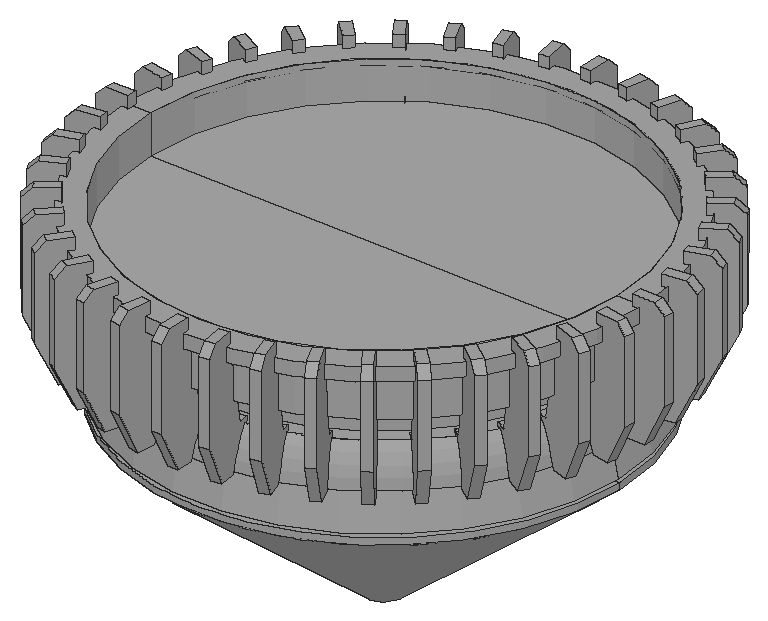
Revit family "KSL_Kemlux-Cone", category Lighting Fixtures, host Face, Revit 2021
Family settings
  Host = Face
  Round Connector Dimension = Use Diameter
  Part Type = Normal
  OmniClass Number = 23.80.70.14
  OmniClass Title = Luminaries for External Lighting
  Cut with Voids When Loaded = No
  Light Source = Yes
  Shared = No
  Room Calculation Point = No
Parameters (values of type "KSL-36L-X-5K-5M")
  Wattage Comments = "86 Watts"
  Wattage = 86 W
  Watt = 86 W
  built-in parameter 1150110 = 1 (stored number, unit not read)
  Voltage = 277 V
  URL = "https://www.currentlighting.com/columbia"
  built-in parameter 1114217 = 1 (stored number, unit not read)
  Tilt Angle = -90.00°
  built-in parameter 1150109 = 1 (stored number, unit not read)
  built-in parameter 1150134 = 2
  built-in parameter 1150113 = 1 (stored number, unit not read)
  Product Page URL = ""
  Product Documentation Link = ""
  Power Factor = 1
  Photometric Web File = "KXL-36L-X-5K-5M.ies"
  Optics = "Type V Square"
  Mount = "Cone Mount"  # constant formula
  Model = "KSL - Kemlux III LED Series"  # constant formula
  Material Finish = Powdercoat - Gray
  Manufacturer = "Columbia Lighting"  # constant formula
  built-in parameter 1150105 = 718.58 (stored number, unit not read)
  Lumens = 9030 lm
  built-in parameter 1150115 = 1 (stored number, unit not read)
  Load Classification = Lighting
  built-in parameter 1150137 = (empty or 0)
  built-in parameter 1150139 = (empty or 0)
  built-in parameter 1150112 = 1 (stored number, unit not read)
  built-in parameter 1150114 = 1 (stored number, unit not read)
  Lamp = "36 High Performanc LEDs"
  built-in parameter 1150132 = (empty or 0)
  built-in parameter 1150102 = (empty or 0)
  built-in parameter 1150107 = 5000 (stored number, unit not read)
  built-in parameter 1150138 = (empty or 0)
  built-in parameter 1150106 = 7.1858 (stored number, unit not read)
  Glass = White Glass
  Emit from Circle Diameter = 0' - 11"
  Emit Shape Visible in Rendering = no
  built-in parameter 1150104 = 9.7548 (stored number, unit not read)
  Dimming Lamp Color Temperature Shift = <None>
  Description = "Enclosed and gasketed LED fixture series"  # constant formula
  Default Elevation = 4' - 0"
  Color Filter = 16777215
  built-in parameter 1114218 = 1 (stored number, unit not read)
  built-in parameter 1150133 = 10 (stored number, unit not read)
  Apparent Load = Watt / Power Factor  # 86 VA
Reference planes (in)
  plane 1 "Center (Front/Back)": y = 0
  plane 2: z = 0
  plane 3 "Center (Left/Right)": x = 0
Lines and regions (in)
  reference lines
    curve 1: line (-5.55547, 0, 5.53932) -> (10.19453, 0, 5.53932)
    curve 2: line (7.29478, 0, 7.53677) -> (-0.62911, 0, -2.76915)
Dimensions and locks (in)
  aligned and locked: plane 2 to host face
  aligned and locked: level to host face
  aligned and locked: plane 3 "Center (Left/Right)" to imposter light
  aligned and locked: imposter light to plane 1 "Center (Front/Back)"
  aligned and locked: plane 3 "Center (Left/Right)" to nested 1
  aligned and locked: plane 3 "Center (Left/Right)" to nested 2
  aligned and locked: plane 1 "Center (Front/Back)" to nested 2
  aligned and locked: plane 1 "Center (Front/Back)" to nested 1
  aligned and locked: imposter light to nested 2
Nested families (in)
  nested 1: "KSL-Cone" at (0, 0, 0), type "KSL-Cone"
  nested 2: "KSL" at (0, 0, 4.37652), type "KSL"
Connectors (in)
  electrical at (0, 0, 0), driven by "Load Classification", driven by "Voltage", driven by "Apparent Load", driven by "Power Factor"
    settings: on nested 1, index 1, voltage 277 V, apparent load 86 VA, apparent load phase1 0 VA, apparent load phase2 0 VA, apparent load phase3 0 VA, power factor 1, load classification "Lighting", number of poles 1, system type 30, power factor state 1, is connector primary yes, connector utility no, sub classification motor no, connector description "Lighting Connector"
Definition of nested family "KSL-Cone"
  Parameters
    Wattage Comments = ""
    URL = "http://www.hubbellindustrial.com/"
    Model = "KSL - Kemlux III LED"  # constant formula
    Material Finish = none
    Manufacturer = "Hubbell Industrial Lighting"  # constant formula
    Lamp = ""
    Description = ""
    Default Elevation = 4' - 0"
    Apparent Load = 0 VA
  Reference planes (in)
    plane 1 "Center (Front/Back)": y = 0
    plane 2: z = 0
    plane 3 "Center (Left/Right)": x = 0
    plane 4: x = -7
    plane 5: x = 7
  Forms (in)
    Extrusion 1, solid
      sketch origin (0, 0, 0) x (1, 0, 0) y (0, 1, 0)
        loop
          line (-48, 48) -> (-48, -48) -> (48, -48) -> (48, 48) -> (-48, 48)
      from 0 to -12
    Revolve 2, solid, material <- "Material Finish"
      sketch origin (0, 0, 0) x (1, 0, 0) y (0, 0, 1)
        loop
          line (0, 0) -> (0.5, 0) -> (6, 4.37652) -> (0, 4.37652) -> (0, 0)
        axis (0, 4.37652) -> (0, 0)
      angle from 0 to 360
  Dimensions and locks (in)
    equal spacing: plane 5, plane 3 "Center (Left/Right)", plane 4, locked at 7 each
    aligned and locked: plane 2 to Extrusion 1
    aligned and locked: level to Extrusion 1
  Automatic sketch dimensions
    Extrusion 1 sketch curve to Extrusion 1 sketch curve = 8' - 0"  (x2)
    Revolve 2 sketch curve to level = 0' - 0"
    plane 5 to Revolve 2 sketch curve = 0' - 1"
    level to Revolve 2 sketch curve = 0' - 4.37652"
    Revolve 2 sketch curve to plane 3 "Center (Left/Right)" = 0' - 0"  (x2)
    plane 3 "Center (Left/Right)" to Revolve 2 sketch curve = 0' - 0 1/2"
    Revolve 2 sketch curve to level = 0' - 6.62348"
    Revolve 2 sketch curve to Revolve 2 sketch curve = 1' - 3 1/2"
Definition of nested family "KSL"
  Parameters
    Wattage Comments = ""
    URL = ""
    Model = ""
    Material Finish = none
    Manufacturer = ""
    Lamp = ""
    IES FILE LINK = ""
    Glass = none
    Description = ""
    Default Elevation = 4' - 0"
    Apparent Load = 0 VA
  Reference planes (in)
    plane 1 "Center (Front/Back)": y = 0
    plane 2: z = 0
    plane 3 "Center (Left/Right)": x = 0
    plane 4: x = -7.25
    plane 5: x = 7.25
    plane 6: x = -5.5
    plane 7: x = 5.5
  Forms (in)
    Extrusion 1, solid
      sketch origin (0, 0, 0) x (1, 0, 0) y (0, 1, 0)
        loop
          line (-48, 48) -> (-48, -48) -> (48, -48) -> (48, 48) -> (-48, 48)
      from 0 to -12
    Revolve 2, solid, material <- "Material Finish"
      sketch origin (0, 0, -1.3125) x (1, 0, 0) y (0, 0, 1)
        loop
          line (5.73742, 2.6875) -> (6.24933, 2.6875)
          arc (6.24933, 2.6875) -> (6.15662, 3.19814) -> (5.89032, 3.6436) r 1.45262
          line (5.89032, 3.6436) -> (5.5, 3.6436) -> (5.5, 4.37254) -> (6.34375, 4.37254) -> (6.34375, 5.37007) -> (6.59375, 5.37007) -> (6.59375, 5.71977) -> (5.95302, 5.71977) -> (5.95302, 4.75) -> (0, 4.75) -> (0, 1.3125) -> (6, 1.3125) -> (6, 1.47979) -> (5.5, 1.47979) -> (5.5, 1.5625) -> (5.99031, 1.5625) -> (5.73742, 2.6875)
        axis (0, 5.71977) -> (0, 1.3125)
      angle from 0 to 360
    Extrusion 3, solid, material <- "Glass"
      sketch origin (0, 0, -1.3125) x (1, 0, 0) y (0, 1, 0)
        loop
          circle (0, 0) r 5.95302
      from 5.71977 to 5.56262
    Extrusion 4, solid, material <- "Material Finish"
      sketch origin (0, 0, -1.3125) x (1, 0, 0) y (0, 0, 1)
        loop
          line (6.42821, 6) -> (6.42821, 5.66655) -> (6.045, 3.7335) -> (5.75, 3.7335) -> (5.75, 3.06247) -> (6.1875, 3.06247) -> (6.31956, 2.66852) -> (6.75, 2.66852) -> (7.25, 3.69367) -> (7.25, 5.75) -> (7, 6) -> (6.42821, 6)
      from 0.125 to -0.125
    Extrusion 5, solid, material <- "Material Finish"
      sketch origin (0, 0, -1.3125) x (0.987688, -0.156434, 0) y (0, 0, 1)
        loop
          line (6.42821, 6) -> (6.42821, 5.66655) -> (6.045, 3.7335) -> (5.75, 3.7335) -> (5.75, 3.06247) -> (6.1875, 3.06247) -> (6.31956, 2.66852) -> (6.75, 2.66852) -> (7.25, 3.69367) -> (7.25, 5.75) -> (7, 6) -> (6.42821, 6)
      from 0.125 to -0.125
    Extrusion 6, solid, material <- "Material Finish"
      sketch origin (0, 0, -1.3125) x (0.951057, -0.309017, 0) y (0, 0, 1)
        loop
          line (6.42821, 6) -> (6.42821, 5.66655) -> (6.045, 3.7335) -> (5.75, 3.7335) -> (5.75, 3.06247) -> (6.1875, 3.06247) -> (6.31956, 2.66852) -> (6.75, 2.66852) -> (7.25, 3.69367) -> (7.25, 5.75) -> (7, 6) -> (6.42821, 6)
      from 0.125 to -0.125
    Extrusion 7, solid, material <- "Material Finish"
      sketch origin (0, 0, -1.3125) x (0.891007, -0.45399, 0) y (0, 0, 1)
        loop
          line (6.42821, 6) -> (6.42821, 5.66655) -> (6.045, 3.7335) -> (5.75, 3.7335) -> (5.75, 3.06247) -> (6.1875, 3.06247) -> (6.31956, 2.66852) -> (6.75, 2.66852) -> (7.25, 3.69367) -> (7.25, 5.75) -> (7, 6) -> (6.42821, 6)
      from 0.125 to -0.125
    Extrusion 8, solid, material <- "Material Finish"
      sketch origin (0, 0, -1.3125) x (0.809017, -0.587785, 0) y (0, 0, 1)
        loop
          line (6.42821, 6) -> (6.42821, 5.66655) -> (6.045, 3.7335) -> (5.75, 3.7335) -> (5.75, 3.06247) -> (6.1875, 3.06247) -> (6.31956, 2.66852) -> (6.75, 2.66852) -> (7.25, 3.69367) -> (7.25, 5.75) -> (7, 6) -> (6.42821, 6)
      from 0.125 to -0.125
    Extrusion 9, solid, material <- "Material Finish"
      sketch origin (0, 0, -1.3125) x (0.707107, -0.707107, 0) y (0, 0, 1)
        loop
          line (6.42821, 6) -> (6.42821, 5.66655) -> (6.045, 3.7335) -> (5.75, 3.7335) -> (5.75, 3.06247) -> (6.1875, 3.06247) -> (6.31956, 2.66852) -> (6.75, 2.66852) -> (7.25, 3.69367) -> (7.25, 5.75) -> (7, 6) -> (6.42821, 6)
      from 0.125 to -0.125
    Extrusion 10, solid, material <- "Material Finish"
      sketch origin (0, 0, -1.3125) x (0.587785, -0.809017, 0) y (0, 0, 1)
        loop
          line (6.42821, 6) -> (6.42821, 5.66655) -> (6.045, 3.7335) -> (5.75, 3.7335) -> (5.75, 3.06247) -> (6.1875, 3.06247) -> (6.31956, 2.66852) -> (6.75, 2.66852) -> (7.25, 3.69367) -> (7.25, 5.75) -> (7, 6) -> (6.42821, 6)
      from 0.125 to -0.125
    Extrusion 11, solid, material <- "Material Finish"
      sketch origin (0, 0, -1.3125) x (0.45399, -0.891007, 0) y (0, 0, 1)
        loop
          line (6.42821, 6) -> (6.42821, 5.66655) -> (6.045, 3.7335) -> (5.75, 3.7335) -> (5.75, 3.06247) -> (6.1875, 3.06247) -> (6.31956, 2.66852) -> (6.75, 2.66852) -> (7.25, 3.69367) -> (7.25, 5.75) -> (7, 6) -> (6.42821, 6)
      from 0.125 to -0.125
    Extrusion 12, solid, material <- "Material Finish"
      sketch origin (0, 0, -1.3125) x (0.309017, -0.951057, 0) y (0, 0, 1)
        loop
          line (6.42821, 6) -> (6.42821, 5.66655) -> (6.045, 3.7335) -> (5.75, 3.7335) -> (5.75, 3.06247) -> (6.1875, 3.06247) -> (6.31956, 2.66852) -> (6.75, 2.66852) -> (7.25, 3.69367) -> (7.25, 5.75) -> (7, 6) -> (6.42821, 6)
      from 0.125 to -0.125
    Extrusion 13, solid, material <- "Material Finish"
      sketch origin (0, 0, -1.3125) x (0.156434, -0.987688, 0) y (0, 0, 1)
        loop
          line (6.42821, 6) -> (6.42821, 5.66655) -> (6.045, 3.7335) -> (5.75, 3.7335) -> (5.75, 3.06247) -> (6.1875, 3.06247) -> (6.31956, 2.66852) -> (6.75, 2.66852) -> (7.25, 3.69367) -> (7.25, 5.75) -> (7, 6) -> (6.42821, 6)
      from 0.125 to -0.125
    Extrusion 14, solid, material <- "Material Finish"
      sketch origin (0, 0, -1.3125) x (0, -1, 0) y (0, 0, 1)
        loop
          line (6.42821, 6) -> (6.42821, 5.66655) -> (6.045, 3.7335) -> (5.75, 3.7335) -> (5.75, 3.06247) -> (6.1875, 3.06247) -> (6.31956, 2.66852) -> (6.75, 2.66852) -> (7.25, 3.69367) -> (7.25, 5.75) -> (7, 6) -> (6.42821, 6)
      from 0.125 to -0.125
    Extrusion 15, solid, material <- "Material Finish"
      sketch origin (0, 0, -1.3125) x (-0.156434, -0.987688, 0) y (0, 0, 1)
        loop
          line (6.42821, 6) -> (6.42821, 5.66655) -> (6.045, 3.7335) -> (5.75, 3.7335) -> (5.75, 3.06247) -> (6.1875, 3.06247) -> (6.31956, 2.66852) -> (6.75, 2.66852) -> (7.25, 3.69367) -> (7.25, 5.75) -> (7, 6) -> (6.42821, 6)
      from 0.125 to -0.125
    Extrusion 16, solid, material <- "Material Finish"
      sketch origin (0, 0, -1.3125) x (-0.309017, -0.951057, 0) y (0, 0, 1)
        loop
          line (6.42821, 6) -> (6.42821, 5.66655) -> (6.045, 3.7335) -> (5.75, 3.7335) -> (5.75, 3.06247) -> (6.1875, 3.06247) -> (6.31956, 2.66852) -> (6.75, 2.66852) -> (7.25, 3.69367) -> (7.25, 5.75) -> (7, 6) -> (6.42821, 6)
      from 0.125 to -0.125
    Extrusion 17, solid, material <- "Material Finish"
      sketch origin (0, 0, -1.3125) x (-0.45399, -0.891007, 0) y (0, 0, 1)
        loop
          line (6.42821, 6) -> (6.42821, 5.66655) -> (6.045, 3.7335) -> (5.75, 3.7335) -> (5.75, 3.06247) -> (6.1875, 3.06247) -> (6.31956, 2.66852) -> (6.75, 2.66852) -> (7.25, 3.69367) -> (7.25, 5.75) -> (7, 6) -> (6.42821, 6)
      from 0.125 to -0.125
    Extrusion 18, solid, material <- "Material Finish"
      sketch origin (0, 0, -1.3125) x (-0.587785, -0.809017, 0) y (0, 0, 1)
        loop
          line (6.42821, 6) -> (6.42821, 5.66655) -> (6.045, 3.7335) -> (5.75, 3.7335) -> (5.75, 3.06247) -> (6.1875, 3.06247) -> (6.31956, 2.66852) -> (6.75, 2.66852) -> (7.25, 3.69367) -> (7.25, 5.75) -> (7, 6) -> (6.42821, 6)
      from 0.125 to -0.125
    Extrusion 19, solid, material <- "Material Finish"
      sketch origin (0, 0, -1.3125) x (-0.707107, -0.707107, 0) y (0, 0, 1)
        loop
          line (6.42821, 6) -> (6.42821, 5.66655) -> (6.045, 3.7335) -> (5.75, 3.7335) -> (5.75, 3.06247) -> (6.1875, 3.06247) -> (6.31956, 2.66852) -> (6.75, 2.66852) -> (7.25, 3.69367) -> (7.25, 5.75) -> (7, 6) -> (6.42821, 6)
      from 0.125 to -0.125
    Extrusion 20, solid, material <- "Material Finish"
      sketch origin (0, 0, -1.3125) x (-0.809017, -0.587785, 0) y (0, 0, 1)
        loop
          line (6.42821, 6) -> (6.42821, 5.66655) -> (6.045, 3.7335) -> (5.75, 3.7335) -> (5.75, 3.06247) -> (6.1875, 3.06247) -> (6.31956, 2.66852) -> (6.75, 2.66852) -> (7.25, 3.69367) -> (7.25, 5.75) -> (7, 6) -> (6.42821, 6)
      from 0.125 to -0.125
    Extrusion 21, solid, material <- "Material Finish"
      sketch origin (0, 0, -1.3125) x (-0.891007, -0.45399, 0) y (0, 0, 1)
        loop
          line (6.42821, 6) -> (6.42821, 5.66655) -> (6.045, 3.7335) -> (5.75, 3.7335) -> (5.75, 3.06247) -> (6.1875, 3.06247) -> (6.31956, 2.66852) -> (6.75, 2.66852) -> (7.25, 3.69367) -> (7.25, 5.75) -> (7, 6) -> (6.42821, 6)
      from 0.125 to -0.125
    Extrusion 22, solid, material <- "Material Finish"
      sketch origin (0, 0, -1.3125) x (-0.951057, -0.309017, 0) y (0, 0, 1)
        loop
          line (6.42821, 6) -> (6.42821, 5.66655) -> (6.045, 3.7335) -> (5.75, 3.7335) -> (5.75, 3.06247) -> (6.1875, 3.06247) -> (6.31956, 2.66852) -> (6.75, 2.66852) -> (7.25, 3.69367) -> (7.25, 5.75) -> (7, 6) -> (6.42821, 6)
      from 0.125 to -0.125
    Extrusion 23, solid, material <- "Material Finish"
      sketch origin (0, 0, -1.3125) x (-0.987688, -0.156434, 0) y (0, 0, 1)
        loop
          line (6.42821, 6) -> (6.42821, 5.66655) -> (6.045, 3.7335) -> (5.75, 3.7335) -> (5.75, 3.06247) -> (6.1875, 3.06247) -> (6.31956, 2.66852) -> (6.75, 2.66852) -> (7.25, 3.69367) -> (7.25, 5.75) -> (7, 6) -> (6.42821, 6)
      from 0.125 to -0.125
    Extrusion 24, solid, material <- "Material Finish"
      sketch origin (0, 0, -1.3125) x (-1, 0, 0) y (0, 0, 1)
        loop
          line (6.42821, 6) -> (6.42821, 5.66655) -> (6.045, 3.7335) -> (5.75, 3.7335) -> (5.75, 3.06247) -> (6.1875, 3.06247) -> (6.31956, 2.66852) -> (6.75, 2.66852) -> (7.25, 3.69367) -> (7.25, 5.75) -> (7, 6) -> (6.42821, 6)
      from 0.125 to -0.125
    Extrusion 25, solid, material <- "Material Finish"
      sketch origin (0, 0, -1.3125) x (-0.987688, 0.156434, 0) y (0, 0, 1)
        loop
          line (6.42821, 6) -> (6.42821, 5.66655) -> (6.045, 3.7335) -> (5.75, 3.7335) -> (5.75, 3.06247) -> (6.1875, 3.06247) -> (6.31956, 2.66852) -> (6.75, 2.66852) -> (7.25, 3.69367) -> (7.25, 5.75) -> (7, 6) -> (6.42821, 6)
      from 0.125 to -0.125
    Extrusion 26, solid, material <- "Material Finish"
      sketch origin (0, 0, -1.3125) x (-0.951057, 0.309017, 0) y (0, 0, 1)
        loop
          line (6.42821, 6) -> (6.42821, 5.66655) -> (6.045, 3.7335) -> (5.75, 3.7335) -> (5.75, 3.06247) -> (6.1875, 3.06247) -> (6.31956, 2.66852) -> (6.75, 2.66852) -> (7.25, 3.69367) -> (7.25, 5.75) -> (7, 6) -> (6.42821, 6)
      from 0.125 to -0.125
    Extrusion 27, solid, material <- "Material Finish"
      sketch origin (0, 0, -1.3125) x (-0.891007, 0.45399, 0) y (0, 0, 1)
        loop
          line (6.42821, 6) -> (6.42821, 5.66655) -> (6.045, 3.7335) -> (5.75, 3.7335) -> (5.75, 3.06247) -> (6.1875, 3.06247) -> (6.31956, 2.66852) -> (6.75, 2.66852) -> (7.25, 3.69367) -> (7.25, 5.75) -> (7, 6) -> (6.42821, 6)
      from 0.125 to -0.125
    Extrusion 28, solid, material <- "Material Finish"
      sketch origin (0, 0, -1.3125) x (-0.809017, 0.587785, 0) y (0, 0, 1)
        loop
          line (6.42821, 6) -> (6.42821, 5.66655) -> (6.045, 3.7335) -> (5.75, 3.7335) -> (5.75, 3.06247) -> (6.1875, 3.06247) -> (6.31956, 2.66852) -> (6.75, 2.66852) -> (7.25, 3.69367) -> (7.25, 5.75) -> (7, 6) -> (6.42821, 6)
      from 0.125 to -0.125
    Extrusion 29, solid, material <- "Material Finish"
      sketch origin (0, 0, -1.3125) x (-0.707107, 0.707107, 0) y (0, 0, 1)
        loop
          line (6.42821, 6) -> (6.42821, 5.66655) -> (6.045, 3.7335) -> (5.75, 3.7335) -> (5.75, 3.06247) -> (6.1875, 3.06247) -> (6.31956, 2.66852) -> (6.75, 2.66852) -> (7.25, 3.69367) -> (7.25, 5.75) -> (7, 6) -> (6.42821, 6)
      from 0.125 to -0.125
    Extrusion 30, solid, material <- "Material Finish"
      sketch origin (0, 0, -1.3125) x (-0.587785, 0.809017, 0) y (0, 0, 1)
        loop
          line (6.42821, 6) -> (6.42821, 5.66655) -> (6.045, 3.7335) -> (5.75, 3.7335) -> (5.75, 3.06247) -> (6.1875, 3.06247) -> (6.31956, 2.66852) -> (6.75, 2.66852) -> (7.25, 3.69367) -> (7.25, 5.75) -> (7, 6) -> (6.42821, 6)
      from 0.125 to -0.125
    Extrusion 31, solid, material <- "Material Finish"
      sketch origin (0, 0, -1.3125) x (-0.45399, 0.891007, 0) y (0, 0, 1)
        loop
          line (6.42821, 6) -> (6.42821, 5.66655) -> (6.045, 3.7335) -> (5.75, 3.7335) -> (5.75, 3.06247) -> (6.1875, 3.06247) -> (6.31956, 2.66852) -> (6.75, 2.66852) -> (7.25, 3.69367) -> (7.25, 5.75) -> (7, 6) -> (6.42821, 6)
      from 0.125 to -0.125
    Extrusion 32, solid, material <- "Material Finish"
      sketch origin (0, 0, -1.3125) x (-0.309017, 0.951057, 0) y (0, 0, 1)
        loop
          line (6.42821, 6) -> (6.42821, 5.66655) -> (6.045, 3.7335) -> (5.75, 3.7335) -> (5.75, 3.06247) -> (6.1875, 3.06247) -> (6.31956, 2.66852) -> (6.75, 2.66852) -> (7.25, 3.69367) -> (7.25, 5.75) -> (7, 6) -> (6.42821, 6)
      from 0.125 to -0.125
    Extrusion 33, solid, material <- "Material Finish"
      sketch origin (0, 0, -1.3125) x (-0.156434, 0.987688, 0) y (0, 0, 1)
        loop
          line (6.42821, 6) -> (6.42821, 5.66655) -> (6.045, 3.7335) -> (5.75, 3.7335) -> (5.75, 3.06247) -> (6.1875, 3.06247) -> (6.31956, 2.66852) -> (6.75, 2.66852) -> (7.25, 3.69367) -> (7.25, 5.75) -> (7, 6) -> (6.42821, 6)
      from 0.125 to -0.125
    Extrusion 34, solid, material <- "Material Finish"
      sketch origin (0, 0, -1.3125) x (0, 1, 0) y (0, 0, 1)
        loop
          line (6.42821, 6) -> (6.42821, 5.66655) -> (6.045, 3.7335) -> (5.75, 3.7335) -> (5.75, 3.06247) -> (6.1875, 3.06247) -> (6.31956, 2.66852) -> (6.75, 2.66852) -> (7.25, 3.69367) -> (7.25, 5.75) -> (7, 6) -> (6.42821, 6)
      from 0.125 to -0.125
    Extrusion 35, solid, material <- "Material Finish"
      sketch origin (0, 0, -1.3125) x (0.156434, 0.987688, 0) y (0, 0, 1)
        loop
          line (6.42821, 6) -> (6.42821, 5.66655) -> (6.045, 3.7335) -> (5.75, 3.7335) -> (5.75, 3.06247) -> (6.1875, 3.06247) -> (6.31956, 2.66852) -> (6.75, 2.66852) -> (7.25, 3.69367) -> (7.25, 5.75) -> (7, 6) -> (6.42821, 6)
      from 0.125 to -0.125
    Extrusion 36, solid, material <- "Material Finish"
      sketch origin (0, 0, -1.3125) x (0.309017, 0.951057, 0) y (0, 0, 1)
        loop
          line (6.42821, 6) -> (6.42821, 5.66655) -> (6.045, 3.7335) -> (5.75, 3.7335) -> (5.75, 3.06247) -> (6.1875, 3.06247) -> (6.31956, 2.66852) -> (6.75, 2.66852) -> (7.25, 3.69367) -> (7.25, 5.75) -> (7, 6) -> (6.42821, 6)
      from 0.125 to -0.125
    Extrusion 37, solid, material <- "Material Finish"
      sketch origin (0, 0, -1.3125) x (0.45399, 0.891007, 0) y (0, 0, 1)
        loop
          line (6.42821, 6) -> (6.42821, 5.66655) -> (6.045, 3.7335) -> (5.75, 3.7335) -> (5.75, 3.06247) -> (6.1875, 3.06247) -> (6.31956, 2.66852) -> (6.75, 2.66852) -> (7.25, 3.69367) -> (7.25, 5.75) -> (7, 6) -> (6.42821, 6)
      from 0.125 to -0.125
    Extrusion 38, solid, material <- "Material Finish"
      sketch origin (0, 0, -1.3125) x (0.587785, 0.809017, 0) y (0, 0, 1)
        loop
          line (6.42821, 6) -> (6.42821, 5.66655) -> (6.045, 3.7335) -> (5.75, 3.7335) -> (5.75, 3.06247) -> (6.1875, 3.06247) -> (6.31956, 2.66852) -> (6.75, 2.66852) -> (7.25, 3.69367) -> (7.25, 5.75) -> (7, 6) -> (6.42821, 6)
      from 0.125 to -0.125
    Extrusion 39, solid, material <- "Material Finish"
      sketch origin (0, 0, -1.3125) x (0.707107, 0.707107, 0) y (0, 0, 1)
        loop
          line (6.42821, 6) -> (6.42821, 5.66655) -> (6.045, 3.7335) -> (5.75, 3.7335) -> (5.75, 3.06247) -> (6.1875, 3.06247) -> (6.31956, 2.66852) -> (6.75, 2.66852) -> (7.25, 3.69367) -> (7.25, 5.75) -> (7, 6) -> (6.42821, 6)
      from 0.125 to -0.125
    Extrusion 40, solid, material <- "Material Finish"
      sketch origin (0, 0, -1.3125) x (0.809017, 0.587785, 0) y (0, 0, 1)
        loop
          line (6.42821, 6) -> (6.42821, 5.66655) -> (6.045, 3.7335) -> (5.75, 3.7335) -> (5.75, 3.06247) -> (6.1875, 3.06247) -> (6.31956, 2.66852) -> (6.75, 2.66852) -> (7.25, 3.69367) -> (7.25, 5.75) -> (7, 6) -> (6.42821, 6)
      from 0.125 to -0.125
    Extrusion 41, solid, material <- "Material Finish"
      sketch origin (0, 0, -1.3125) x (0.891007, 0.45399, 0) y (0, 0, 1)
        loop
          line (6.42821, 6) -> (6.42821, 5.66655) -> (6.045, 3.7335) -> (5.75, 3.7335) -> (5.75, 3.06247) -> (6.1875, 3.06247) -> (6.31956, 2.66852) -> (6.75, 2.66852) -> (7.25, 3.69367) -> (7.25, 5.75) -> (7, 6) -> (6.42821, 6)
      from 0.125 to -0.125
    Extrusion 42, solid, material <- "Material Finish"
      sketch origin (0, 0, -1.3125) x (0.951057, 0.309017, 0) y (0, 0, 1)
        loop
          line (6.42821, 6) -> (6.42821, 5.66655) -> (6.045, 3.7335) -> (5.75, 3.7335) -> (5.75, 3.06247) -> (6.1875, 3.06247) -> (6.31956, 2.66852) -> (6.75, 2.66852) -> (7.25, 3.69367) -> (7.25, 5.75) -> (7, 6) -> (6.42821, 6)
      from 0.125 to -0.125
    Extrusion 43, solid, material <- "Material Finish"
      sketch origin (0, 0, -1.3125) x (0.987688, 0.156434, 0) y (0, 0, 1)
        loop
          line (6.42821, 6) -> (6.42821, 5.66655) -> (6.045, 3.7335) -> (5.75, 3.7335) -> (5.75, 3.06247) -> (6.1875, 3.06247) -> (6.31956, 2.66852) -> (6.75, 2.66852) -> (7.25, 3.69367) -> (7.25, 5.75) -> (7, 6) -> (6.42821, 6)
      from 0.125 to -0.125
  Lines and regions (in)
    reference lines
      curve 1: line (5.95302, 0, 4.75) -> (0, 0, 4.75)
      curve 2: line (5.95302, 0, 5.92266) -> (5.95302, 0, 4.75)
      curve 3: line (6.59375, 0, 5.37007) -> (6.59375, 0, 5.92266)
      curve 4: line (6.34375, 0, 5.37007) -> (6.59375, 0, 5.37007)
      curve 5: line (6.34375, 0, 4.37254) -> (5.5, 0, 4.37254)
      curve 6: line (6.34375, 0, 4.37254) -> (6.34375, 0, 5.37007)
      curve 7: arc (6.25, 0, 2.75) -> (6.14885, 0, 3.28681) -> (5.85927, 0, 3.75) r 1.47501
      curve 8: line (5.85927, 0, 2.75) -> (6.25, 0, 2.75)
      curve 9: line (5.85927, 0, 2.75) -> (5.85927, 0, 1.75)
      curve 10: line (5.85927, 0, 1.75) -> (4.74529, 0, 1.75)
      curve 11: line (5.85927, 0, 3.75) -> (4.8978, 0, 3.75)
      curve 12: line (5.10824, 0, 5.71977) -> (6.99125, 0, 5.71977)
  Dimensions and locks (in)
    equal spacing: plane 5, plane 3 "Center (Left/Right)", plane 4
    locked: plane 5 to plane 4 at 14.5
    equal spacing: plane 7, plane 3 "Center (Left/Right)", plane 6, locked at 5.5 each
    aligned and locked: plane 2 to Extrusion 1
    aligned and locked: level to Extrusion 1
    aligned and locked: Extrusion 3 sketch curve to Revolve 2
  Automatic sketch dimensions
    Extrusion 4 sketch curve to Extrusion 4 sketch curve = 0' - 0 7/16"
    Extrusion 4 sketch curve to Extrusion 4 sketch curve = 0' - 0.13206"
    Extrusion 4 sketch curve to Extrusion 4 sketch curve = 0' - 0.295"
    Extrusion 4 sketch curve to Extrusion 4 sketch curve = 0' - 0.38321"
    Extrusion 4 sketch curve to Extrusion 4 sketch curve = 0' - 0.43044"
    Extrusion 4 sketch curve to Extrusion 4 sketch curve = 0' - 0.57179"
    Extrusion 4 sketch curve to Extrusion 4 sketch curve = 0' - 0 1/4"  (x2)
    Extrusion 4 sketch curve to Extrusion 4 sketch curve = 0' - 0.39395"
    Extrusion 4 sketch curve to Extrusion 4 sketch curve = 0' - 1.02515"
    Extrusion 4 sketch curve to Extrusion 4 sketch curve = 0' - 0.67103"
    Extrusion 4 sketch curve to Extrusion 4 sketch curve = 0' - 1.93305"
    Extrusion 4 sketch curve to Extrusion 4 sketch curve = 0' - 0.08345"
    Extrusion 5 sketch curve to Extrusion 5 sketch curve = 0' - 0 7/16"
    Extrusion 5 sketch curve to Extrusion 5 sketch curve = 0' - 0.13206"
    Extrusion 5 sketch curve to Extrusion 5 sketch curve = 0' - 0.295"
    Extrusion 5 sketch curve to Extrusion 5 sketch curve = 0' - 0.38321"
    Extrusion 5 sketch curve to Extrusion 5 sketch curve = 0' - 0.43044"
    Extrusion 5 sketch curve to Extrusion 5 sketch curve = 0' - 0.57179"
    Extrusion 5 sketch curve to Extrusion 5 sketch curve = 0' - 0 1/4"  (x2)
    Extrusion 5 sketch curve to Extrusion 5 sketch curve = 0' - 0.39395"
    Extrusion 5 sketch curve to Extrusion 5 sketch curve = 0' - 1.02515"
    Extrusion 5 sketch curve to Extrusion 5 sketch curve = 0' - 0.67103"
    Extrusion 5 sketch curve to Extrusion 5 sketch curve = 0' - 1.93305"
    Extrusion 5 sketch curve to Extrusion 5 sketch curve = 0' - 0.08345"
    Extrusion 6 sketch curve to Extrusion 6 sketch curve = 0' - 0 7/16"
    Extrusion 6 sketch curve to Extrusion 6 sketch curve = 0' - 0.13206"
    Extrusion 6 sketch curve to Extrusion 6 sketch curve = 0' - 0.295"
    Extrusion 6 sketch curve to Extrusion 6 sketch curve = 0' - 0.38321"
    Extrusion 6 sketch curve to Extrusion 6 sketch curve = 0' - 0.43044"
    Extrusion 6 sketch curve to Extrusion 6 sketch curve = 0' - 0.57179"
    Extrusion 6 sketch curve to Extrusion 6 sketch curve = 0' - 0 1/4"  (x2)
    Extrusion 6 sketch curve to Extrusion 6 sketch curve = 0' - 0.39395"
    Extrusion 6 sketch curve to Extrusion 6 sketch curve = 0' - 1.02515"
    Extrusion 6 sketch curve to Extrusion 6 sketch curve = 0' - 0.67103"
    Extrusion 6 sketch curve to Extrusion 6 sketch curve = 0' - 1.93305"
    Extrusion 6 sketch curve to Extrusion 6 sketch curve = 0' - 0.08345"
    Extrusion 7 sketch curve to Extrusion 7 sketch curve = 0' - 0 7/16"
    Extrusion 7 sketch curve to Extrusion 7 sketch curve = 0' - 0.13206"
    Extrusion 7 sketch curve to Extrusion 7 sketch curve = 0' - 0.295"
    Extrusion 7 sketch curve to Extrusion 7 sketch curve = 0' - 0.38321"
    Extrusion 7 sketch curve to Extrusion 7 sketch curve = 0' - 0.43044"
    Extrusion 7 sketch curve to Extrusion 7 sketch curve = 0' - 0.57179"
    Extrusion 7 sketch curve to Extrusion 7 sketch curve = 0' - 0 1/4"  (x2)
    Extrusion 7 sketch curve to Extrusion 7 sketch curve = 0' - 0.39395"
    Extrusion 7 sketch curve to Extrusion 7 sketch curve = 0' - 1.02515"
    Extrusion 7 sketch curve to Extrusion 7 sketch curve = 0' - 0.67103"
    Extrusion 7 sketch curve to Extrusion 7 sketch curve = 0' - 1.93305"
    Extrusion 7 sketch curve to Extrusion 7 sketch curve = 0' - 0.08345"
    Extrusion 8 sketch curve to Extrusion 8 sketch curve = 0' - 0 7/16"
    Extrusion 8 sketch curve to Extrusion 8 sketch curve = 0' - 0.13206"
    Extrusion 8 sketch curve to Extrusion 8 sketch curve = 0' - 0.295"
    Extrusion 8 sketch curve to Extrusion 8 sketch curve = 0' - 0.38321"
    Extrusion 8 sketch curve to Extrusion 8 sketch curve = 0' - 0.43044"
    Extrusion 8 sketch curve to Extrusion 8 sketch curve = 0' - 0.57179"
    Extrusion 8 sketch curve to Extrusion 8 sketch curve = 0' - 0 1/4"  (x2)
    Extrusion 8 sketch curve to Extrusion 8 sketch curve = 0' - 0.39395"
    Extrusion 8 sketch curve to Extrusion 8 sketch curve = 0' - 1.02515"
    Extrusion 8 sketch curve to Extrusion 8 sketch curve = 0' - 0.67103"
    Extrusion 8 sketch curve to Extrusion 8 sketch curve = 0' - 1.93305"
    Extrusion 8 sketch curve to Extrusion 8 sketch curve = 0' - 0.08345"
    Extrusion 9 sketch curve to Extrusion 9 sketch curve = 0' - 0 7/16"
    Extrusion 9 sketch curve to Extrusion 9 sketch curve = 0' - 0.13206"
    Extrusion 9 sketch curve to Extrusion 9 sketch curve = 0' - 0.295"
    Extrusion 9 sketch curve to Extrusion 9 sketch curve = 0' - 0.38321"
    Extrusion 9 sketch curve to Extrusion 9 sketch curve = 0' - 0.43044"
    Extrusion 9 sketch curve to Extrusion 9 sketch curve = 0' - 0.57179"
    Extrusion 9 sketch curve to Extrusion 9 sketch curve = 0' - 0 1/4"  (x2)
    Extrusion 9 sketch curve to Extrusion 9 sketch curve = 0' - 0.39395"
    Extrusion 9 sketch curve to Extrusion 9 sketch curve = 0' - 1.02515"
    Extrusion 9 sketch curve to Extrusion 9 sketch curve = 0' - 0.67103"
    Extrusion 9 sketch curve to Extrusion 9 sketch curve = 0' - 1.93305"
    Extrusion 9 sketch curve to Extrusion 9 sketch curve = 0' - 0.08345"
    Extrusion 10 sketch curve to Extrusion 10 sketch curve = 0' - 0 7/16"
    Extrusion 10 sketch curve to Extrusion 10 sketch curve = 0' - 0.13206"
    Extrusion 10 sketch curve to Extrusion 10 sketch curve = 0' - 0.295"
    Extrusion 10 sketch curve to Extrusion 10 sketch curve = 0' - 0.38321"
    Extrusion 10 sketch curve to Extrusion 10 sketch curve = 0' - 0.43044"
    Extrusion 10 sketch curve to Extrusion 10 sketch curve = 0' - 0.57179"
    Extrusion 10 sketch curve to Extrusion 10 sketch curve = 0' - 0 1/4"  (x2)
    Extrusion 10 sketch curve to Extrusion 10 sketch curve = 0' - 0.39395"
    Extrusion 10 sketch curve to Extrusion 10 sketch curve = 0' - 1.02515"
    Extrusion 10 sketch curve to Extrusion 10 sketch curve = 0' - 0.67103"
    Extrusion 10 sketch curve to Extrusion 10 sketch curve = 0' - 1.93305"
    Extrusion 10 sketch curve to Extrusion 10 sketch curve = 0' - 0.08345"
    Extrusion 11 sketch curve to Extrusion 11 sketch curve = 0' - 0 7/16"
    Extrusion 11 sketch curve to Extrusion 11 sketch curve = 0' - 0.13206"
    Extrusion 11 sketch curve to Extrusion 11 sketch curve = 0' - 0.295"
    Extrusion 11 sketch curve to Extrusion 11 sketch curve = 0' - 0.38321"
    Extrusion 11 sketch curve to Extrusion 11 sketch curve = 0' - 0.43044"
    Extrusion 11 sketch curve to Extrusion 11 sketch curve = 0' - 0.57179"
    Extrusion 11 sketch curve to Extrusion 11 sketch curve = 0' - 0 1/4"  (x2)
    Extrusion 11 sketch curve to Extrusion 11 sketch curve = 0' - 0.39395"
    Extrusion 11 sketch curve to Extrusion 11 sketch curve = 0' - 1.02515"
    Extrusion 11 sketch curve to Extrusion 11 sketch curve = 0' - 0.67103"
    Extrusion 11 sketch curve to Extrusion 11 sketch curve = 0' - 1.93305"
    Extrusion 11 sketch curve to Extrusion 11 sketch curve = 0' - 0.08345"
    Extrusion 12 sketch curve to Extrusion 12 sketch curve = 0' - 0 7/16"
    Extrusion 12 sketch curve to Extrusion 12 sketch curve = 0' - 0.13206"
    Extrusion 12 sketch curve to Extrusion 12 sketch curve = 0' - 0.295"
    Extrusion 12 sketch curve to Extrusion 12 sketch curve = 0' - 0.38321"
    Extrusion 12 sketch curve to Extrusion 12 sketch curve = 0' - 0.43044"
    Extrusion 12 sketch curve to Extrusion 12 sketch curve = 0' - 0.57179"
    Extrusion 12 sketch curve to Extrusion 12 sketch curve = 0' - 0 1/4"  (x2)
    Extrusion 12 sketch curve to Extrusion 12 sketch curve = 0' - 0.39395"
    Extrusion 12 sketch curve to Extrusion 12 sketch curve = 0' - 1.02515"
    Extrusion 12 sketch curve to Extrusion 12 sketch curve = 0' - 0.67103"
    Extrusion 12 sketch curve to Extrusion 12 sketch curve = 0' - 1.93305"
    Extrusion 12 sketch curve to Extrusion 12 sketch curve = 0' - 0.08345"
    Extrusion 13 sketch curve to Extrusion 13 sketch curve = 0' - 0 7/16"
    Extrusion 13 sketch curve to Extrusion 13 sketch curve = 0' - 0.13206"
    Extrusion 13 sketch curve to Extrusion 13 sketch curve = 0' - 0.295"
    Extrusion 13 sketch curve to Extrusion 13 sketch curve = 0' - 0.38321"
    Extrusion 13 sketch curve to Extrusion 13 sketch curve = 0' - 0.43044"
    Extrusion 13 sketch curve to Extrusion 13 sketch curve = 0' - 0.57179"
    Extrusion 13 sketch curve to Extrusion 13 sketch curve = 0' - 0 1/4"  (x2)
    Extrusion 13 sketch curve to Extrusion 13 sketch curve = 0' - 0.39395"
    Extrusion 13 sketch curve to Extrusion 13 sketch curve = 0' - 1.02515"
    Extrusion 13 sketch curve to Extrusion 13 sketch curve = 0' - 0.67103"
    Extrusion 13 sketch curve to Extrusion 13 sketch curve = 0' - 1.93305"
    Extrusion 13 sketch curve to Extrusion 13 sketch curve = 0' - 0.08345"
    Extrusion 14 sketch curve to Extrusion 14 sketch curve = 0' - 0 7/16"
    Extrusion 14 sketch curve to Extrusion 14 sketch curve = 0' - 0.13206"
    Extrusion 14 sketch curve to Extrusion 14 sketch curve = 0' - 0.295"
    Extrusion 14 sketch curve to Extrusion 14 sketch curve = 0' - 0.38321"
    Extrusion 14 sketch curve to Extrusion 14 sketch curve = 0' - 0.43044"
    Extrusion 14 sketch curve to Extrusion 14 sketch curve = 0' - 0.57179"
    Extrusion 14 sketch curve to Extrusion 14 sketch curve = 0' - 0 1/4"  (x2)
    Extrusion 14 sketch curve to Extrusion 14 sketch curve = 0' - 0.39395"
    Extrusion 14 sketch curve to Extrusion 14 sketch curve = 0' - 1.02515"
    Extrusion 14 sketch curve to Extrusion 14 sketch curve = 0' - 0.67103"
    Extrusion 14 sketch curve to Extrusion 14 sketch curve = 0' - 1.93305"
    Extrusion 14 sketch curve to Extrusion 14 sketch curve = 0' - 0.08345"
    Extrusion 15 sketch curve to Extrusion 15 sketch curve = 0' - 0 7/16"
    Extrusion 15 sketch curve to Extrusion 15 sketch curve = 0' - 0.13206"
    Extrusion 15 sketch curve to Extrusion 15 sketch curve = 0' - 0.295"
    Extrusion 15 sketch curve to Extrusion 15 sketch curve = 0' - 0.38321"
    Extrusion 15 sketch curve to Extrusion 15 sketch curve = 0' - 0.43044"
    Extrusion 15 sketch curve to Extrusion 15 sketch curve = 0' - 0.57179"
    Extrusion 15 sketch curve to Extrusion 15 sketch curve = 0' - 0 1/4"  (x2)
    Extrusion 15 sketch curve to Extrusion 15 sketch curve = 0' - 0.39395"
    Extrusion 15 sketch curve to Extrusion 15 sketch curve = 0' - 1.02515"
    Extrusion 15 sketch curve to Extrusion 15 sketch curve = 0' - 0.67103"
    Extrusion 15 sketch curve to Extrusion 15 sketch curve = 0' - 1.93305"
    Extrusion 15 sketch curve to Extrusion 15 sketch curve = 0' - 0.08345"
    Extrusion 16 sketch curve to Extrusion 16 sketch curve = 0' - 0 7/16"
    Extrusion 16 sketch curve to Extrusion 16 sketch curve = 0' - 0.13206"
    Extrusion 16 sketch curve to Extrusion 16 sketch curve = 0' - 0.295"
    Extrusion 16 sketch curve to Extrusion 16 sketch curve = 0' - 0.38321"
    Extrusion 16 sketch curve to Extrusion 16 sketch curve = 0' - 0.43044"
    Extrusion 16 sketch curve to Extrusion 16 sketch curve = 0' - 0.57179"
    Extrusion 16 sketch curve to Extrusion 16 sketch curve = 0' - 0 1/4"  (x2)
    Extrusion 16 sketch curve to Extrusion 16 sketch curve = 0' - 0.39395"
    Extrusion 16 sketch curve to Extrusion 16 sketch curve = 0' - 1.02515"
    Extrusion 16 sketch curve to Extrusion 16 sketch curve = 0' - 0.67103"
    Extrusion 16 sketch curve to Extrusion 16 sketch curve = 0' - 1.93305"
    Extrusion 16 sketch curve to Extrusion 16 sketch curve = 0' - 0.08345"
    Extrusion 17 sketch curve to Extrusion 17 sketch curve = 0' - 0 7/16"
    Extrusion 17 sketch curve to Extrusion 17 sketch curve = 0' - 0.13206"
    Extrusion 17 sketch curve to Extrusion 17 sketch curve = 0' - 0.295"
    Extrusion 17 sketch curve to Extrusion 17 sketch curve = 0' - 0.38321"
    Extrusion 17 sketch curve to Extrusion 17 sketch curve = 0' - 0.43044"
    Extrusion 17 sketch curve to Extrusion 17 sketch curve = 0' - 0.57179"
    Extrusion 17 sketch curve to Extrusion 17 sketch curve = 0' - 0 1/4"  (x2)
    Extrusion 17 sketch curve to Extrusion 17 sketch curve = 0' - 0.39395"
    Extrusion 17 sketch curve to Extrusion 17 sketch curve = 0' - 1.02515"
    Extrusion 17 sketch curve to Extrusion 17 sketch curve = 0' - 0.67103"
    Extrusion 17 sketch curve to Extrusion 17 sketch curve = 0' - 1.93305"
    Extrusion 17 sketch curve to Extrusion 17 sketch curve = 0' - 0.08345"
    Extrusion 18 sketch curve to Extrusion 18 sketch curve = 0' - 0 7/16"
    Extrusion 18 sketch curve to Extrusion 18 sketch curve = 0' - 0.13206"
    Extrusion 18 sketch curve to Extrusion 18 sketch curve = 0' - 0.295"
    Extrusion 18 sketch curve to Extrusion 18 sketch curve = 0' - 0.38321"
    Extrusion 18 sketch curve to Extrusion 18 sketch curve = 0' - 0.43044"
    Extrusion 18 sketch curve to Extrusion 18 sketch curve = 0' - 0.57179"
    Extrusion 18 sketch curve to Extrusion 18 sketch curve = 0' - 0 1/4"  (x2)
    Extrusion 18 sketch curve to Extrusion 18 sketch curve = 0' - 0.39395"
    Extrusion 18 sketch curve to Extrusion 18 sketch curve = 0' - 1.02515"
    Extrusion 18 sketch curve to Extrusion 18 sketch curve = 0' - 0.67103"
    Extrusion 18 sketch curve to Extrusion 18 sketch curve = 0' - 1.93305"
    Extrusion 18 sketch curve to Extrusion 18 sketch curve = 0' - 0.08345"
    Extrusion 19 sketch curve to Extrusion 19 sketch curve = 0' - 0 7/16"
    Extrusion 19 sketch curve to Extrusion 19 sketch curve = 0' - 0.13206"
    Extrusion 19 sketch curve to Extrusion 19 sketch curve = 0' - 0.295"
    Extrusion 19 sketch curve to Extrusion 19 sketch curve = 0' - 0.38321"
    Extrusion 19 sketch curve to Extrusion 19 sketch curve = 0' - 0.43044"
    Extrusion 19 sketch curve to Extrusion 19 sketch curve = 0' - 0.57179"
    Extrusion 19 sketch curve to Extrusion 19 sketch curve = 0' - 0 1/4"  (x2)
    Extrusion 19 sketch curve to Extrusion 19 sketch curve = 0' - 0.39395"
    Extrusion 19 sketch curve to Extrusion 19 sketch curve = 0' - 1.02515"
    Extrusion 19 sketch curve to Extrusion 19 sketch curve = 0' - 0.67103"
    Extrusion 19 sketch curve to Extrusion 19 sketch curve = 0' - 1.93305"
    Extrusion 19 sketch curve to Extrusion 19 sketch curve = 0' - 0.08345"
    Extrusion 20 sketch curve to Extrusion 20 sketch curve = 0' - 0 7/16"
    Extrusion 20 sketch curve to Extrusion 20 sketch curve = 0' - 0.13206"
    Extrusion 20 sketch curve to Extrusion 20 sketch curve = 0' - 0.295"
    Extrusion 20 sketch curve to Extrusion 20 sketch curve = 0' - 0.38321"
    Extrusion 20 sketch curve to Extrusion 20 sketch curve = 0' - 0.43044"
    Extrusion 20 sketch curve to Extrusion 20 sketch curve = 0' - 0.57179"
    Extrusion 20 sketch curve to Extrusion 20 sketch curve = 0' - 0 1/4"  (x2)
    Extrusion 20 sketch curve to Extrusion 20 sketch curve = 0' - 0.39395"
    Extrusion 20 sketch curve to Extrusion 20 sketch curve = 0' - 1.02515"
    Extrusion 20 sketch curve to Extrusion 20 sketch curve = 0' - 0.67103"
    Extrusion 20 sketch curve to Extrusion 20 sketch curve = 0' - 1.93305"
    Extrusion 20 sketch curve to Extrusion 20 sketch curve = 0' - 0.08345"
    Extrusion 21 sketch curve to Extrusion 21 sketch curve = 0' - 0 7/16"
    Extrusion 21 sketch curve to Extrusion 21 sketch curve = 0' - 0.13206"
    Extrusion 21 sketch curve to Extrusion 21 sketch curve = 0' - 0.295"
    Extrusion 21 sketch curve to Extrusion 21 sketch curve = 0' - 0.38321"
    Extrusion 21 sketch curve to Extrusion 21 sketch curve = 0' - 0.43044"
    Extrusion 21 sketch curve to Extrusion 21 sketch curve = 0' - 0.57179"
    Extrusion 21 sketch curve to Extrusion 21 sketch curve = 0' - 0 1/4"  (x2)
    Extrusion 21 sketch curve to Extrusion 21 sketch curve = 0' - 0.39395"
    Extrusion 21 sketch curve to Extrusion 21 sketch curve = 0' - 1.02515"
    Extrusion 21 sketch curve to Extrusion 21 sketch curve = 0' - 0.67103"
    Extrusion 21 sketch curve to Extrusion 21 sketch curve = 0' - 1.93305"
    Extrusion 21 sketch curve to Extrusion 21 sketch curve = 0' - 0.08345"
    Extrusion 22 sketch curve to Extrusion 22 sketch curve = 0' - 0 7/16"
    Extrusion 22 sketch curve to Extrusion 22 sketch curve = 0' - 0.13206"
    Extrusion 22 sketch curve to Extrusion 22 sketch curve = 0' - 0.295"
    Extrusion 22 sketch curve to Extrusion 22 sketch curve = 0' - 0.38321"
    Extrusion 22 sketch curve to Extrusion 22 sketch curve = 0' - 0.43044"
    Extrusion 22 sketch curve to Extrusion 22 sketch curve = 0' - 0.57179"
    Extrusion 22 sketch curve to Extrusion 22 sketch curve = 0' - 0 1/4"  (x2)
    Extrusion 22 sketch curve to Extrusion 22 sketch curve = 0' - 0.39395"
    Extrusion 22 sketch curve to Extrusion 22 sketch curve = 0' - 1.02515"
    Extrusion 22 sketch curve to Extrusion 22 sketch curve = 0' - 0.67103"
    Extrusion 22 sketch curve to Extrusion 22 sketch curve = 0' - 1.93305"
    Extrusion 22 sketch curve to Extrusion 22 sketch curve = 0' - 0.08345"
    Extrusion 23 sketch curve to Extrusion 23 sketch curve = 0' - 0 7/16"
    Extrusion 23 sketch curve to Extrusion 23 sketch curve = 0' - 0.13206"
    Extrusion 23 sketch curve to Extrusion 23 sketch curve = 0' - 0.295"
    Extrusion 23 sketch curve to Extrusion 23 sketch curve = 0' - 0.38321"
    Extrusion 23 sketch curve to Extrusion 23 sketch curve = 0' - 0.43044"
    Extrusion 23 sketch curve to Extrusion 23 sketch curve = 0' - 0.57179"
    Extrusion 23 sketch curve to Extrusion 23 sketch curve = 0' - 0 1/4"  (x2)
    Extrusion 23 sketch curve to Extrusion 23 sketch curve = 0' - 0.39395"
    Extrusion 23 sketch curve to Extrusion 23 sketch curve = 0' - 1.02515"
    Extrusion 23 sketch curve to Extrusion 23 sketch curve = 0' - 0.67103"
    Extrusion 23 sketch curve to Extrusion 23 sketch curve = 0' - 1.93305"
    Extrusion 23 sketch curve to Extrusion 23 sketch curve = 0' - 0.08345"
    Extrusion 24 sketch curve to Extrusion 24 sketch curve = 0' - 0 7/16"
    Extrusion 24 sketch curve to Extrusion 24 sketch curve = 0' - 0.13206"
    Extrusion 24 sketch curve to Extrusion 24 sketch curve = 0' - 0.295"
    Extrusion 24 sketch curve to Extrusion 24 sketch curve = 0' - 0.38321"
    Extrusion 24 sketch curve to Extrusion 24 sketch curve = 0' - 0.43044"
    Extrusion 24 sketch curve to Extrusion 24 sketch curve = 0' - 0.57179"
    Extrusion 24 sketch curve to Extrusion 24 sketch curve = 0' - 0 1/4"  (x2)
    Extrusion 24 sketch curve to Extrusion 24 sketch curve = 0' - 0.39395"
    Extrusion 24 sketch curve to Extrusion 24 sketch curve = 0' - 1.02515"
    Extrusion 24 sketch curve to Extrusion 24 sketch curve = 0' - 0.67103"
    Extrusion 24 sketch curve to Extrusion 24 sketch curve = 0' - 1.93305"
    Extrusion 24 sketch curve to Extrusion 24 sketch curve = 0' - 0.08345"
    Extrusion 25 sketch curve to Extrusion 25 sketch curve = 0' - 0 7/16"
    Extrusion 25 sketch curve to Extrusion 25 sketch curve = 0' - 0.13206"
    Extrusion 25 sketch curve to Extrusion 25 sketch curve = 0' - 0.295"
    Extrusion 25 sketch curve to Extrusion 25 sketch curve = 0' - 0.38321"
    Extrusion 25 sketch curve to Extrusion 25 sketch curve = 0' - 0.43044"
    Extrusion 25 sketch curve to Extrusion 25 sketch curve = 0' - 0.57179"
    Extrusion 25 sketch curve to Extrusion 25 sketch curve = 0' - 0 1/4"  (x2)
    Extrusion 25 sketch curve to Extrusion 25 sketch curve = 0' - 0.39395"
    Extrusion 25 sketch curve to Extrusion 25 sketch curve = 0' - 1.02515"
    Extrusion 25 sketch curve to Extrusion 25 sketch curve = 0' - 0.67103"
    Extrusion 25 sketch curve to Extrusion 25 sketch curve = 0' - 1.93305"
    Extrusion 25 sketch curve to Extrusion 25 sketch curve = 0' - 0.08345"
    Extrusion 26 sketch curve to Extrusion 26 sketch curve = 0' - 0 7/16"
    Extrusion 26 sketch curve to Extrusion 26 sketch curve = 0' - 0.13206"
    Extrusion 26 sketch curve to Extrusion 26 sketch curve = 0' - 0.295"
    Extrusion 26 sketch curve to Extrusion 26 sketch curve = 0' - 0.38321"
    Extrusion 26 sketch curve to Extrusion 26 sketch curve = 0' - 0.43044"
    Extrusion 26 sketch curve to Extrusion 26 sketch curve = 0' - 0.57179"
    Extrusion 26 sketch curve to Extrusion 26 sketch curve = 0' - 0 1/4"  (x2)
    Extrusion 26 sketch curve to Extrusion 26 sketch curve = 0' - 0.39395"
    Extrusion 26 sketch curve to Extrusion 26 sketch curve = 0' - 1.02515"
    Extrusion 26 sketch curve to Extrusion 26 sketch curve = 0' - 0.67103"
    Extrusion 26 sketch curve to Extrusion 26 sketch curve = 0' - 1.93305"
    Extrusion 26 sketch curve to Extrusion 26 sketch curve = 0' - 0.08345"
    Extrusion 27 sketch curve to Extrusion 27 sketch curve = 0' - 0 7/16"
    Extrusion 27 sketch curve to Extrusion 27 sketch curve = 0' - 0.13206"
    Extrusion 27 sketch curve to Extrusion 27 sketch curve = 0' - 0.295"
    Extrusion 27 sketch curve to Extrusion 27 sketch curve = 0' - 0.38321"
    Extrusion 27 sketch curve to Extrusion 27 sketch curve = 0' - 0.43044"
    Extrusion 27 sketch curve to Extrusion 27 sketch curve = 0' - 0.57179"
    Extrusion 27 sketch curve to Extrusion 27 sketch curve = 0' - 0 1/4"  (x2)
    Extrusion 27 sketch curve to Extrusion 27 sketch curve = 0' - 0.39395"
    Extrusion 27 sketch curve to Extrusion 27 sketch curve = 0' - 1.02515"
    Extrusion 27 sketch curve to Extrusion 27 sketch curve = 0' - 0.67103"
    Extrusion 27 sketch curve to Extrusion 27 sketch curve = 0' - 1.93305"
    Extrusion 27 sketch curve to Extrusion 27 sketch curve = 0' - 0.08345"
    Extrusion 28 sketch curve to Extrusion 28 sketch curve = 0' - 0 7/16"
    Extrusion 28 sketch curve to Extrusion 28 sketch curve = 0' - 0.13206"
    Extrusion 28 sketch curve to Extrusion 28 sketch curve = 0' - 0.295"
    Extrusion 28 sketch curve to Extrusion 28 sketch curve = 0' - 0.38321"
    Extrusion 28 sketch curve to Extrusion 28 sketch curve = 0' - 0.43044"
    Extrusion 28 sketch curve to Extrusion 28 sketch curve = 0' - 0.57179"
    Extrusion 28 sketch curve to Extrusion 28 sketch curve = 0' - 0 1/4"  (x2)
    Extrusion 28 sketch curve to Extrusion 28 sketch curve = 0' - 0.39395"
    Extrusion 28 sketch curve to Extrusion 28 sketch curve = 0' - 1.02515"
    Extrusion 28 sketch curve to Extrusion 28 sketch curve = 0' - 0.67103"
    Extrusion 28 sketch curve to Extrusion 28 sketch curve = 0' - 1.93305"
    Extrusion 28 sketch curve to Extrusion 28 sketch curve = 0' - 0.08345"
    Extrusion 29 sketch curve to Extrusion 29 sketch curve = 0' - 0 7/16"
    Extrusion 29 sketch curve to Extrusion 29 sketch curve = 0' - 0.13206"
    Extrusion 29 sketch curve to Extrusion 29 sketch curve = 0' - 0.295"
    Extrusion 29 sketch curve to Extrusion 29 sketch curve = 0' - 0.38321"
    Extrusion 29 sketch curve to Extrusion 29 sketch curve = 0' - 0.43044"
    Extrusion 29 sketch curve to Extrusion 29 sketch curve = 0' - 0.57179"
    Extrusion 29 sketch curve to Extrusion 29 sketch curve = 0' - 0 1/4"  (x2)
    Extrusion 29 sketch curve to Extrusion 29 sketch curve = 0' - 0.39395"
    Extrusion 29 sketch curve to Extrusion 29 sketch curve = 0' - 1.02515"
    Extrusion 29 sketch curve to Extrusion 29 sketch curve = 0' - 0.67103"
    Extrusion 29 sketch curve to Extrusion 29 sketch curve = 0' - 1.93305"
    Extrusion 29 sketch curve to Extrusion 29 sketch curve = 0' - 0.08345"
    Extrusion 30 sketch curve to Extrusion 30 sketch curve = 0' - 0 7/16"
    Extrusion 30 sketch curve to Extrusion 30 sketch curve = 0' - 0.13206"
    Extrusion 30 sketch curve to Extrusion 30 sketch curve = 0' - 0.295"
    Extrusion 30 sketch curve to Extrusion 30 sketch curve = 0' - 0.38321"
    Extrusion 30 sketch curve to Extrusion 30 sketch curve = 0' - 0.43044"
    Extrusion 30 sketch curve to Extrusion 30 sketch curve = 0' - 0.57179"
    Extrusion 30 sketch curve to Extrusion 30 sketch curve = 0' - 0 1/4"  (x2)
    Extrusion 30 sketch curve to Extrusion 30 sketch curve = 0' - 0.39395"
    Extrusion 30 sketch curve to Extrusion 30 sketch curve = 0' - 1.02515"
    Extrusion 30 sketch curve to Extrusion 30 sketch curve = 0' - 0.67103"
    Extrusion 30 sketch curve to Extrusion 30 sketch curve = 0' - 1.93305"
    Extrusion 30 sketch curve to Extrusion 30 sketch curve = 0' - 0.08345"
    Extrusion 31 sketch curve to Extrusion 31 sketch curve = 0' - 0 7/16"
    Extrusion 31 sketch curve to Extrusion 31 sketch curve = 0' - 0.13206"
    Extrusion 31 sketch curve to Extrusion 31 sketch curve = 0' - 0.295"
    Extrusion 31 sketch curve to Extrusion 31 sketch curve = 0' - 0.38321"
    Extrusion 31 sketch curve to Extrusion 31 sketch curve = 0' - 0.43044"
    Extrusion 31 sketch curve to Extrusion 31 sketch curve = 0' - 0.57179"
    Extrusion 31 sketch curve to Extrusion 31 sketch curve = 0' - 0 1/4"  (x2)
    Extrusion 31 sketch curve to Extrusion 31 sketch curve = 0' - 0.39395"
    Extrusion 31 sketch curve to Extrusion 31 sketch curve = 0' - 1.02515"
    Extrusion 31 sketch curve to Extrusion 31 sketch curve = 0' - 0.67103"
    Extrusion 31 sketch curve to Extrusion 31 sketch curve = 0' - 1.93305"
    Extrusion 31 sketch curve to Extrusion 31 sketch curve = 0' - 0.08345"
    Extrusion 32 sketch curve to Extrusion 32 sketch curve = 0' - 0 7/16"
    Extrusion 32 sketch curve to Extrusion 32 sketch curve = 0' - 0.13206"
    Extrusion 32 sketch curve to Extrusion 32 sketch curve = 0' - 0.295"
    Extrusion 32 sketch curve to Extrusion 32 sketch curve = 0' - 0.38321"
    Extrusion 32 sketch curve to Extrusion 32 sketch curve = 0' - 0.43044"
    Extrusion 32 sketch curve to Extrusion 32 sketch curve = 0' - 0.57179"
    Extrusion 32 sketch curve to Extrusion 32 sketch curve = 0' - 0 1/4"  (x2)
    Extrusion 32 sketch curve to Extrusion 32 sketch curve = 0' - 0.39395"
    Extrusion 32 sketch curve to Extrusion 32 sketch curve = 0' - 1.02515"
    Extrusion 32 sketch curve to Extrusion 32 sketch curve = 0' - 0.67103"
    Extrusion 32 sketch curve to Extrusion 32 sketch curve = 0' - 1.93305"
    Extrusion 32 sketch curve to Extrusion 32 sketch curve = 0' - 0.08345"
    Extrusion 33 sketch curve to Extrusion 33 sketch curve = 0' - 0 7/16"
    Extrusion 33 sketch curve to Extrusion 33 sketch curve = 0' - 0.13206"
    Extrusion 33 sketch curve to Extrusion 33 sketch curve = 0' - 0.295"
    Extrusion 33 sketch curve to Extrusion 33 sketch curve = 0' - 0.38321"
    Extrusion 33 sketch curve to Extrusion 33 sketch curve = 0' - 0.43044"
    Extrusion 33 sketch curve to Extrusion 33 sketch curve = 0' - 0.57179"
    Extrusion 33 sketch curve to Extrusion 33 sketch curve = 0' - 0 1/4"  (x2)
    Extrusion 33 sketch curve to Extrusion 33 sketch curve = 0' - 0.39395"
    Extrusion 33 sketch curve to Extrusion 33 sketch curve = 0' - 1.02515"
    Extrusion 33 sketch curve to Extrusion 33 sketch curve = 0' - 0.67103"
    Extrusion 33 sketch curve to Extrusion 33 sketch curve = 0' - 1.93305"
    Extrusion 33 sketch curve to Extrusion 33 sketch curve = 0' - 0.08345"
    Extrusion 34 sketch curve to Extrusion 34 sketch curve = 0' - 0 7/16"
    Extrusion 34 sketch curve to Extrusion 34 sketch curve = 0' - 0.13206"
    Extrusion 34 sketch curve to Extrusion 34 sketch curve = 0' - 0.295"
    Extrusion 34 sketch curve to Extrusion 34 sketch curve = 0' - 0.38321"
    Extrusion 34 sketch curve to Extrusion 34 sketch curve = 0' - 0.43044"
    Extrusion 34 sketch curve to Extrusion 34 sketch curve = 0' - 0.57179"
    Extrusion 34 sketch curve to Extrusion 34 sketch curve = 0' - 0 1/4"  (x2)
    Extrusion 34 sketch curve to Extrusion 34 sketch curve = 0' - 0.39395"
    Extrusion 34 sketch curve to Extrusion 34 sketch curve = 0' - 1.02515"
    Extrusion 34 sketch curve to Extrusion 34 sketch curve = 0' - 0.67103"
    Extrusion 34 sketch curve to Extrusion 34 sketch curve = 0' - 1.93305"
    Extrusion 34 sketch curve to Extrusion 34 sketch curve = 0' - 0.08345"
    Extrusion 35 sketch curve to Extrusion 35 sketch curve = 0' - 0 7/16"
    Extrusion 35 sketch curve to Extrusion 35 sketch curve = 0' - 0.13206"
    Extrusion 35 sketch curve to Extrusion 35 sketch curve = 0' - 0.295"
    Extrusion 35 sketch curve to Extrusion 35 sketch curve = 0' - 0.38321"
    Extrusion 35 sketch curve to Extrusion 35 sketch curve = 0' - 0.43044"
    Extrusion 35 sketch curve to Extrusion 35 sketch curve = 0' - 0.57179"
    Extrusion 35 sketch curve to Extrusion 35 sketch curve = 0' - 0 1/4"  (x2)
    Extrusion 35 sketch curve to Extrusion 35 sketch curve = 0' - 0.39395"
    Extrusion 35 sketch curve to Extrusion 35 sketch curve = 0' - 1.02515"
    Extrusion 35 sketch curve to Extrusion 35 sketch curve = 0' - 0.67103"
    Extrusion 35 sketch curve to Extrusion 35 sketch curve = 0' - 1.93305"
    Extrusion 35 sketch curve to Extrusion 35 sketch curve = 0' - 0.08345"
    Extrusion 36 sketch curve to Extrusion 36 sketch curve = 0' - 0 7/16"
    Extrusion 36 sketch curve to Extrusion 36 sketch curve = 0' - 0.13206"
    Extrusion 36 sketch curve to Extrusion 36 sketch curve = 0' - 0.295"
    Extrusion 36 sketch curve to Extrusion 36 sketch curve = 0' - 0.38321"
    Extrusion 36 sketch curve to Extrusion 36 sketch curve = 0' - 0.43044"
    Extrusion 36 sketch curve to Extrusion 36 sketch curve = 0' - 0.57179"
    Extrusion 36 sketch curve to Extrusion 36 sketch curve = 0' - 0 1/4"  (x2)
    Extrusion 36 sketch curve to Extrusion 36 sketch curve = 0' - 0.39395"
    Extrusion 36 sketch curve to Extrusion 36 sketch curve = 0' - 1.02515"
    Extrusion 36 sketch curve to Extrusion 36 sketch curve = 0' - 0.67103"
    Extrusion 36 sketch curve to Extrusion 36 sketch curve = 0' - 1.93305"
    Extrusion 36 sketch curve to Extrusion 36 sketch curve = 0' - 0.08345"
    Extrusion 37 sketch curve to Extrusion 37 sketch curve = 0' - 0 7/16"
    Extrusion 37 sketch curve to Extrusion 37 sketch curve = 0' - 0.13206"
    Extrusion 37 sketch curve to Extrusion 37 sketch curve = 0' - 0.295"
    Extrusion 37 sketch curve to Extrusion 37 sketch curve = 0' - 0.38321"
    Extrusion 37 sketch curve to Extrusion 37 sketch curve = 0' - 0.43044"
    Extrusion 37 sketch curve to Extrusion 37 sketch curve = 0' - 0.57179"
    Extrusion 37 sketch curve to Extrusion 37 sketch curve = 0' - 0 1/4"  (x2)
    Extrusion 37 sketch curve to Extrusion 37 sketch curve = 0' - 0.39395"
    Extrusion 37 sketch curve to Extrusion 37 sketch curve = 0' - 1.02515"
    Extrusion 37 sketch curve to Extrusion 37 sketch curve = 0' - 0.67103"
    Extrusion 37 sketch curve to Extrusion 37 sketch curve = 0' - 1.93305"
    Extrusion 37 sketch curve to Extrusion 37 sketch curve = 0' - 0.08345"
    Extrusion 38 sketch curve to Extrusion 38 sketch curve = 0' - 0 7/16"
    Extrusion 38 sketch curve to Extrusion 38 sketch curve = 0' - 0.13206"
    Extrusion 38 sketch curve to Extrusion 38 sketch curve = 0' - 0.295"
    Extrusion 38 sketch curve to Extrusion 38 sketch curve = 0' - 0.38321"
    Extrusion 38 sketch curve to Extrusion 38 sketch curve = 0' - 0.43044"
    Extrusion 38 sketch curve to Extrusion 38 sketch curve = 0' - 0.57179"
    Extrusion 38 sketch curve to Extrusion 38 sketch curve = 0' - 0 1/4"  (x2)
    Extrusion 38 sketch curve to Extrusion 38 sketch curve = 0' - 0.39395"
